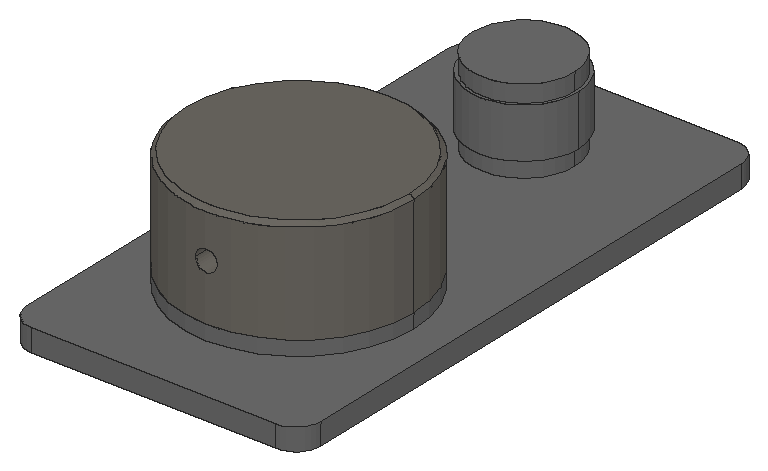
Revit family "CAEL0033DW ELVIRE P. BATHSHOWER MXR WDIV - GUNMETAL + DARK WOOD HANDLE", category Plumbing Fixtures, host Face, Revit 2016
Family settings
  Host = Face
  Part Type = Normal
  Round Connector Dimension = Use Radius
  OmniClass Number = 23.45.55.14
  OmniClass Title = Single Faucets
  Cut with Voids When Loaded = No
  Shared = No
  Room Calculation Point = No
Parameters (values of type "ELVIRE P. BATH/SHOWER MXR W/DIV - GUNMETAL + DARK WOOD HANDLE")
  Waste Connection = no
  Vent Connection = no
  URL = "https://www.caroma.com.au/"
  Model = "CAEL0033DW"
  Material_Handle = GWA-Wood-Dark
  Material_Base = GWA-Metal-Gunmetal Grey
  Manufacturer = "GWA Bathrooms & Kitchens"  # constant formula
  HW Connection = yes
  Description = "ELVIRE P. BATH/SHOWER MXR W/DIV - GUNMETAL + DARK WOOD HANDLE"
  Default Elevation = 900 mm
  CreatedBy_ANZRS = "GWA Bathrooms & Kitchens"  # constant formula
  CW Connection = yes
  Assembly Code = "C1030220"
Reference planes
  plane 1 "Center (Front/Back)": y = 0
  plane 2: z = 0
  plane 3 "Center (Left/Right)": x = 0
Forms (mm)
  Extrusion 1, solid, material "GWA-Metal-Gunmetal Grey" <- "Material_Base"
    sketch origin (0, 0, 0) x (1, 0, 0) y (0, 1, 0)
      loop
        circle (0, 0) r 27.5
    from 6 to 9.5
  Extrusion 2, solid, material "GWA-Wood-Dark" <- "Material_Handle"
    sketch origin (0, 0, 0) x (1, 0, 0) y (0, 1, 0)
      loop
        circle (0, 0) r 27.5
    from 9.5 to 34.5
  Extrusion 3, void
    sketch origin (0, 0, 4.522) x (1, 0, 0) y (0, 0, 1)
      loop
        circle (0, 18.478) r 2.6
    from 9.5 to 34.5
  Revolve 4, void
    sketch origin (0, 0, 0) x (1, 0, 0) y (0, 0, 1)
      loop
        line (27.5, 33.5) -> (29.5, 33.5) -> (29.5, 35.5) -> (26.5, 35.5) -> (26.5, 34.5) -> (27.5, 33.5)
      axis (0, 33.5) -> (0, 35.5)
    angle from 0 to 360
  Extrusion 5, solid, material "GWA-Metal-Gunmetal Grey" <- "Material_Base"
    sketch origin (0, 0, 0) x (1, 0, 0) y (0, 1, 0)
      loop
        arc (-29, 94) -> (-33.243, 92.243) -> (-35, 88) r 6
        line (-35, 88) -> (-35, -37)
        arc (-35, -37) -> (-33.243, -41.243) -> (-29, -43) r 6
        line (-29, -43) -> (29, -43)
        arc (29, -43) -> (33.243, -41.243) -> (35, -37) r 6
        line (35, -37) -> (35, 88)
        arc (35, 88) -> (33.243, 92.243) -> (29, 94) r 6
        line (29, 94) -> (-29, 94)
    from 0 to 5.2
  Extrusion 6, solid, material "GWA-Metal-Gunmetal Grey" <- "Material_Base"
    sketch origin (0, -27, 0) x (1, 0, 0) y (0, 1, 0)
      loop
        circle (0, 94) r 12.2
    from 6 to 10
  Extrusion 7, solid, material "GWA-Metal-Gunmetal Grey" <- "Material_Base"
    sketch origin (0, 0, 0) x (1, 0, 0) y (0, 1, 0)
      loop
        circle (0, 67) r 13
    from 10 to 22
  Extrusion 8, solid, material "GWA-Metal-Gunmetal Grey" <- "Material_Base"
    sketch origin (0, 0, 0) x (1, 0, 0) y (0, 1, 0)
      loop
        circle (0, 67) r 12.2
    from 22 to 26
Cuts and joins
  Extrusion 3, Revolve 4 cuts Extrusion 2
Lines and regions (mm)
  Masking region 1
    outline origin (0, 0, 0) x (1, 0, 0) y (0, 1, 0)
      loop
        arc (-29, 94) -> (-33.243, 92.243) -> (-35, 88) r 6
        line (-35, 88) -> (-35, -37)
        arc (-35, -37) -> (-33.243, -41.243) -> (-29, -43) r 6
        line (-29, -43) -> (29, -43)
        arc (29, -43) -> (33.243, -41.243) -> (35, -37) r 6
        line (35, -37) -> (35, 88)
        arc (35, 88) -> (33.243, 92.243) -> (29, 94) r 6
        line (29, 94) -> (-29, 94)
  Masking region 2
    outline origin (0, 0, 0) x (1, 0, 0) y (0, 0, 1)
      loop
        line (27.5, 33.5) -> (26.5, 34.5) -> (-26.5, 34.5) -> (-27.5, 33.5) -> (-27.5, 6) -> (27.5, 6) -> (27.5, 33.5)
      loop
        line (35, 5.2) -> (-35, 5.2) -> (-35, 0) -> (35, 0) -> (35, 5.2)
  Masking region 3
    outline origin (0, 0, 0) x (0, 1, 0) y (0, 0, 1)
      loop
        line (54.8, 22) -> (54, 22) -> (54, 10) -> (54.8, 10) -> (54.8, 6) -> (79.2, 6) -> (79.2, 10) -> (80, 10) -> (80, 22) -> (79.2, 22) -> (79.2, 26) -> (54.8, 26) -> (54.8, 22)
      loop
        line (-43, 5.2) -> (-43, 0) -> (94, 0) -> (94, 5.2) -> (-43, 5.2)
      loop
        line (27.5, 6) -> (27.5, 9.5) -> (27.5, 33.5) -> (26.5, 34.5) -> (-26.5, 34.5) -> (-27.5, 33.5) -> (-27.5, 9.5) -> (-27.5, 6) -> (27.5, 6)
  symbolic lines
    curve 1: circle (0, 0, 0) r 26.5 normal (0, 0, 1)
    curve 2: circle (0, 0, 0) r 27.5 normal (0, 0, 1)
    curve 3: circle (0, 67, 0) r 12.2 normal (0, 0, 1)
    curve 4: arc (-29, 94, 0) -> (-33.243, 92.243, 0) -> (-35, 88, 0) r 6
    curve 5: line (-35, 88, 0) -> (-35, -37, 0)
    curve 6: arc (-35, -37, 0) -> (-33.243, -41.243, 0) -> (-29, -43, 0) r 6
    curve 7: line (-29, -43, 0) -> (29, -43, 0)
    curve 8: arc (29, -43, 0) -> (33.243, -41.243, 0) -> (35, -37, 0) r 6
    curve 9: line (35, -37, 0) -> (35, 88, 0)
    curve 10: arc (35, 88, 0) -> (33.243, 92.243, 0) -> (29, 94, 0) r 6
    curve 11: line (29, 94, 0) -> (-29, 94, 0)
    curve 12: circle (0, 67, 0) r 13 normal (0, 0, 1)
    curve 13: line (35, 0, 5.2) -> (-35, 0, 5.2)
    curve 14: line (35, 0, 0) -> (35, 0, 5.2)
    curve 15: line (-35, 0, 0) -> (35, 0, 0)
    curve 16: line (-35, 0, 5.2) -> (-35, 0, 0)
    curve 17: line (27.5, 0, 33.5) -> (-27.5, 0, 33.5)
    curve 18: line (27.5, 0, 6) -> (27.5, 0, 33.5)
    curve 19: line (-27.5, 0, 6) -> (27.5, 0, 6)
    curve 20: line (-27.5, 0, 33.5) -> (-27.5, 0, 6)
    curve 21: line (27.5, 0, 33.5) -> (26.5, 0, 34.5)
    curve 22: line (26.5, 0, 34.5) -> (-26.5, 0, 34.5)
    curve 23: line (-26.5, 0, 34.5) -> (-27.5, 0, 33.5)
    curve 24: line (27.5, 0, 9.5) -> (12.2, 0, 9.5)
    curve 25: line (-27.5, 0, 9.5) -> (-12.2, 0, 9.5)
    curve 26: line (12.2, 0, 26) -> (-12.2, 0, 26)
    curve 27: line (-12.2, 0, 26) -> (-12.2, 0, 22)
    curve 28: line (12.2, 0, 26) -> (12.2, 0, 22)
    curve 29: line (12.2, 0, 6) -> (12.2, 0, 10)
    curve 30: line (-12.2, 0, 6) -> (-12.2, 0, 10)
    curve 31: line (13, 0, 22) -> (-13, 0, 22)
    curve 32: line (13, 0, 10) -> (13, 0, 22)
    curve 33: line (-13, 0, 10) -> (13, 0, 10)
    curve 34: line (-13, 0, 22) -> (-13, 0, 10)
    curve 35: line (0, -27.5, 33.5) -> (0, 27.5, 33.5)
    curve 36: line (0, -27.5, 9.5) -> (0, -27.5, 33.5)
    curve 37: line (0, 27.5, 9.5) -> (0, -27.5, 9.5)
    curve 38: line (0, 27.5, 33.5) -> (0, 27.5, 9.5)
    curve 39: line (0, 54, 22) -> (0, 80, 22)
    curve 40: line (0, 54, 10) -> (0, 54, 22)
    curve 41: line (0, 80, 10) -> (0, 54, 10)
    curve 42: line (0, 80, 22) -> (0, 80, 10)
    curve 43: line (0, -43, 5.2) -> (0, 94, 5.2)
    curve 44: line (0, -43, 0) -> (0, -43, 5.2)
    curve 45: line (0, 94, 0) -> (0, -43, 0)
    curve 46: line (0, 94, 5.2) -> (0, 94, 0)
    curve 47: line (0, -27.5, 6) -> (0, 27.5, 6)
    curve 48: line (0, -27.5, 9.5) -> (0, -27.5, 6)
    curve 49: line (0, 27.5, 6) -> (0, 27.5, 9.5)
    curve 50: line (0, -27.5, 33.5) -> (0, -26.5, 34.5)
    curve 51: line (0, -26.5, 34.5) -> (0, 26.5, 34.5)
    curve 52: line (0, 26.5, 34.5) -> (0, 27.5, 33.5)
    curve 53: line (0, 54.8, 6) -> (0, 79.2, 6)
    curve 54: line (0, 79.2, 6) -> (0, 79.2, 10)
    curve 55: line (0, 54.8, 6) -> (0, 54.8, 10.024)
    curve 56: line (0, 54.8, 26) -> (0, 79.2, 26)
    curve 57: line (0, 79.2, 26) -> (0, 79.2, 22)
    curve 58: line (0, 54.8, 26) -> (0, 54.8, 22)
Dimensions and locks
  aligned and locked: plane 2 to host face
  aligned and locked: level to host face
Connectors
  piping at (10, 0, 0), diameter 20
    settings: index 1, connector inside diameter 609.6 mm, connector length 0 mm, flow factor 0, pipe flow 0.0 L/s, pressure drop 0.0 Pa, fitting loss kfactor 0, connector angle 0.00°, fixture units 0, engagement length 0 mm, angle of deflection 0.00°, flow configuration 3, flow direction 1, fitting loss method 0, system type 20, joint type 0, gender type 0, connector reference index -1, connector utility 0, adjustable connector no, is connector primary yes, connector description ""
  piping at (-10, 0, 0), diameter 20
    settings: index 2, connector inside diameter 609.6 mm, connector length 0 mm, flow factor 0, pipe flow 0.0 L/s, pressure drop 0.0 Pa, fitting loss kfactor 0, connector angle 0.00°, fixture units 0, engagement length 0 mm, angle of deflection 0.00°, flow configuration 3, flow direction 1, fitting loss method 0, system type 19, joint type 0, gender type 0, connector reference index -1, connector utility 0, adjustable connector no, is connector primary no, connector description ""
  piping at (0, 40, 0), diameter 20
    settings: index 3, connector inside diameter 609.6 mm, connector length 0 mm, flow factor 0, pipe flow 0.0 L/s, pressure drop 0.0 Pa, fitting loss kfactor 0, connector angle 0.00°, fixture units 0, engagement length 0 mm, angle of deflection 0.00°, flow configuration 3, flow direction 2, fitting loss method 0, system type 19, joint type 0, gender type 0, connector reference index -1, connector utility 0, adjustable connector no, is connector primary no, connector description ""
  piping at (0, 67, 0), diameter 20
    settings: index 4, connector inside diameter 609.6 mm, connector length 0 mm, flow factor 0, pipe flow 0.0 L/s, pressure drop 0.0 Pa, fitting loss kfactor 0, connector angle 0.00°, fixture units 0, engagement length 0 mm, angle of deflection 0.00°, flow configuration 3, flow direction 2, fitting loss method 0, system type 19, joint type 0, gender type 0, connector reference index -1, connector utility 0, adjustable connector no, is connector primary no, connector description ""
